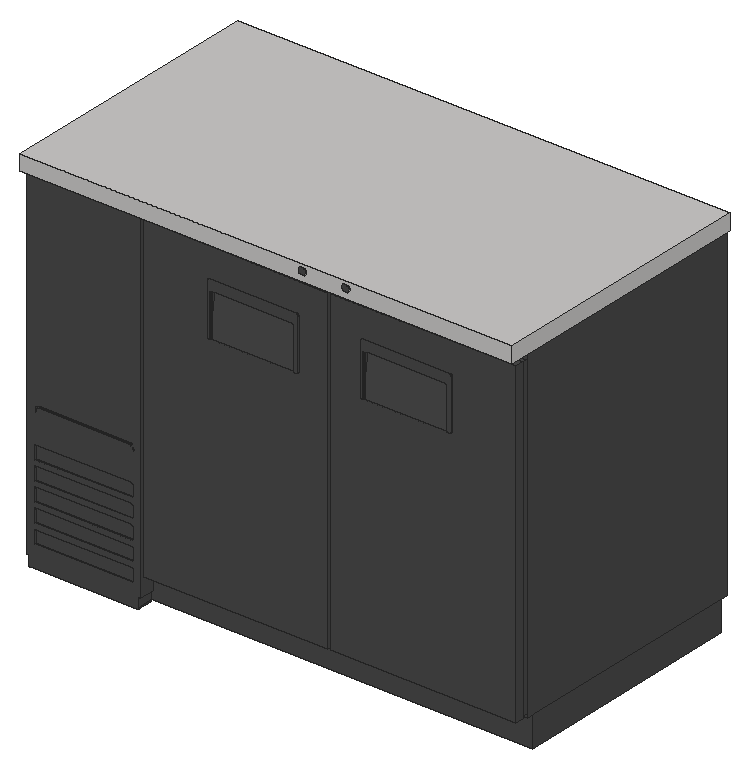
Revit family "QF_EVEREST_EBB48", category Specialty Equipment, Revit 2015 (continued)
Definition of nested family "EBB48"
  Automatic sketch dimensions
    plane 4 "RIGHT" to curve 8 = 4 mm
    Extrusion 2 to Extrusion 14 sketch curve = 142.438 mm
    Extrusion 2 to Extrusion 14 sketch curve = 395.703 mm
    Extrusion 10 to Extrusion 11 sketch curve = 24.498 mm
    Extrusion 10 to Extrusion 11 sketch curve = 345.456 mm
    Extrusion 11 sketch curve to Extrusion 11 sketch curve = 7.434 mm
    Extrusion 11 sketch curve to Extrusion 11 sketch curve = 2.566 mm  (x2)
    Extrusion 11 sketch curve to Extrusion 11 sketch curve = 7.436 mm  (x2)
    Extrusion 10 to Extrusion 11 sketch curve = 19.5 mm  (x2)
    Extrusion 11 sketch curve to Extrusion 11 sketch curve = 73.02 mm
    Extrusion 11 sketch curve to Extrusion 11 sketch curve = 5 mm  (x12)
    Extrusion 11 sketch curve to Extrusion 11 sketch curve = 30 mm  (x4)
    Extrusion 11 sketch curve to Extrusion 11 sketch curve = 13 mm  (x4)
    Extrusion 10 to Extrusion 11 sketch curve = 14.5 mm  (x6)
    Extrusion 10 to Extrusion 11 sketch curve = 28 mm
    Extrusion 11 sketch curve to Extrusion 11 sketch curve = 0.002 mm  (x2)
    Extrusion 10 to Extrusion 11 sketch curve = 26.502 mm
    Extrusion 11 sketch curve to Extrusion 11 sketch curve = 0 mm  (x2)
    Split face 1 sketch curve to cut or joined group of Extrusion 10, Extrusion 11 = 7.915 mm
    radius of Extrusion 14 sketch curve = 20 mm
Definition of nested family "CASTERS & LEGS"
  Parameters (values of type "CASTERS & LEGS")
    Weight = ""
    URL Manufacturer = ""
    URL Cutsheet = ""
    URL = ""
    Type Mark [instance] = ""
    Specification by User [instance] = ""
    Specification by Manufacturer = ""
    Show 6"  Legs [instance] = no
    Show 5" Casters [instance] = yes
    Show 3.5 Inches Legs [instance] = no
    Serial Number = ""
    Seismic Rating = ""
    SMACNA No = ""
    Revision Code [instance] = ""
    Omniclass Number and Title = ""
    NAFEM Spec ID Number = ""
    Model = ""
    MasterSpec. = ""
    Manufacturer = ""
    Item Number [instance] = ""
    Installed By [instance] = ""
    Identify Quantity as Lot [instance] = yes
    Furnished By [instance] = ""
    Foodservice Equipment Identifier [instance] = yes
    Description = ""
    CSI MasterFormat = ""
    CSI Master Format = ""
    Assembly Code = ""
    Show 3 Inches Casters [instance] = yes
  Reference planes
    plane 1: z = 0
    plane 2 "RIGHT": x = 0
    plane 3 "FRONT": y = 0
    plane 4 "TOP": z = 127
    plane 5: z = 76.2
  Forms (mm)
    Revolve 1, solid, visible <- "Show 5" Casters"
      sketch origin (-49.224, 25.364, -25.504) x (1, 0, 0) y (0, 0, 1)
        loop
          line (18.81, 76.304) -> (18.81, 74.386) -> (20.08, 73.116) -> (21.604, 73.116) -> (21.604, 70.067) -> (31.369, 70.067) -> (31.369, 65.181) -> (34.939, 63.12) -> (37.88, 44.951) -> (34.131, 44.951) -> (34.131, 38.998) -> (34.925, 38.998) -> (34.925, 25.504) -> (63.103, 25.504) -> (63.103, 38.998) -> (63.897, 38.998) -> (63.897, 44.951) -> (60.148, 44.951) -> (63.103, 63.209) -> (66.659, 65.262) -> (66.659, 70.067) -> (77.218, 70.067) -> (77.218, 73.116) -> (78.742, 73.116) -> (80.012, 74.386) -> (80.012, 76.304) -> (18.81, 76.304)
        axis (18.81, 76.304) -> (80.012, 76.304)
      angle from 0 to 360
    Extrusion 2, solid, visible <- "Show 5" Casters"
      sketch origin (-49.224, 49.87, -19.154) x (0, 1, 0) y (0, 0, 1)
        loop
          line (-85.786, 135.49) -> (-85.786, 125.149) -> (-63.321, 125.149)
          arc (-63.321, 125.149) -> (-37.391, 124.905) -> (-11.779, 120.85) r 175.807
          arc (-11.779, 120.85) -> (3.607, 115.163) -> (17.14, 105.894) r 66.729
          line (17.14, 105.894) -> (20.005, 109.985)
          arc (20.005, 109.985) -> (12.217, 116.012) -> (3.375, 120.348) r 48.686
          line (3.375, 120.348) -> (5.384, 123.823)
          arc (5.384, 123.823) -> (-4.003, 127.534) -> (-13.953, 129.229) r 48.686
          line (-13.953, 129.229) -> (-13.953, 135.49) -> (-85.786, 135.49)
      from 29.809 to 68.639
    Revolve 3, solid, visible <- "Show 5" Casters"
      sketch origin (0, 54.748, -31.75) x (0, 1, 0) y (0, 0, 1)
        loop
          line (-56.335, 158.75) -> (-56.335, 148.085) -> (-26.871, 148.085) -> (-26.871, 158.75) -> (-56.335, 158.75)
        axis (-56.335, 148.085) -> (-56.335, 158.75)
      angle from 0 to 360
    Extrusion 4, solid, visible <- "Show 5" Casters"
      sketch origin (-50.414, 49.87, -19.154) x (0, 1, 0) y (0, 0, 1)
        loop
          line (-85.786, 135.49) -> (-85.786, 125.149) -> (-79.594, 125.149)
          arc (-79.594, 125.149) -> (-54.006, 99.703) -> (-39.582, 66.626) r 96.297
          arc (-39.582, 66.626) -> (-20.695, 54.419) -> (-8.07, 73.029) r 16.082
          arc (-8.07, 73.029) -> (-0.57, 93.403) -> (17.434, 105.537) r 35.307
          line (17.434, 105.537) -> (20.005, 109.985)
          arc (20.005, 109.985) -> (12.217, 116.012) -> (3.375, 120.348) r 48.686
          line (3.375, 120.348) -> (5.384, 123.823)
          arc (5.384, 123.823) -> (-4.003, 127.534) -> (-13.953, 129.229) r 48.686
          line (-13.953, 129.229) -> (-13.953, 135.49) -> (-85.786, 135.49)
      from 69.829 to 73.87
    Extrusion 5, solid, visible <- "Show 5" Casters"
      sketch origin (50.414, 49.87, -19.154) x (0, 1, 0) y (0, 0, -1)
        loop
          line (-85.786, -135.49) -> (-13.953, -135.49) -> (-13.953, -129.229)
          arc (-13.953, -129.229) -> (-4.003, -127.534) -> (5.384, -123.823) r 48.686
          line (5.384, -123.823) -> (3.375, -120.348)
          arc (3.375, -120.348) -> (12.217, -116.012) -> (20.005, -109.985) r 48.686
          line (20.005, -109.985) -> (17.434, -105.537)
          arc (17.434, -105.537) -> (-0.57, -93.403) -> (-8.07, -73.029) r 35.307
          arc (-8.07, -73.029) -> (-20.695, -54.419) -> (-39.582, -66.626) r 16.082
          arc (-39.582, -66.626) -> (-54.006, -99.703) -> (-79.594, -125.149) r 96.297
          line (-79.594, -125.149) -> (-85.786, -125.149) -> (-85.786, -135.49)
      from 69.829 to 73.87
    Extrusion 6, solid, visible <- "Show 5" Casters"
      sketch origin (-24.606, 52.001, -14.628) x (0, 1, 0) y (0, 0, -1)
        loop
          line (-65.658, -51.806) -> (-48.06, -61.966) -> (-38.931, -67.237)
          arc (-38.931, -67.237) -> (-36.934, -70.238) -> (-35.227, -73.414) r 38.511
          arc (-35.227, -73.414) -> (-28.855, -79.511) -> (-20.232, -81.358) r 16.169
          arc (-20.232, -81.358) -> (-17.043, -81.321) -> (-13.877, -81.702) r 24.356
          line (-13.877, -81.702) -> (5.921, -93.132) -> (10.917, -84.478)
          arc (10.917, -84.478) -> (11.804, -78.832) -> (8.674, -74.049) r 7.95
          line (8.674, -74.049) -> (5.356, -77.367)
          arc (5.356, -77.367) -> (6.116, -79.837) -> (3.628, -80.537) r 1.806
          line (3.628, -80.537) -> (-13.41, -70.697)
          arc (-13.41, -70.697) -> (-15.803, -63.781) -> (-9.299, -60.428) r 5.588
          arc (-9.299, -60.428) -> (-8.725, -59.868) -> (-8.601, -59.076) r 1.27
          arc (-8.601, -59.076) -> (-12.712, -53.586) -> (-19.178, -51.298) r 11.834
          line (-19.178, -51.298) -> (-37.992, -51.298)
          arc (-37.992, -51.298) -> (-40.049, -51.027) -> (-41.967, -50.233) r 7.95
          line (-41.967, -50.233) -> (-52.169, -44.343)
          arc (-52.169, -44.343) -> (-58.202, -43.549) -> (-63.029, -47.253) r 7.95
          line (-63.029, -47.253) -> (-65.658, -51.806)
      from 0 to 1.588
    Extrusion 7, solid, visible <- "Show 5" Casters"
      sketch origin (-24.606, 52.001, -14.628) x (0, 1, 0) y (0, 0, -1)
        loop
          line (-11.606, -67.574) -> (11.954, -81.173)
          arc (11.954, -81.173) -> (11.253, -77.179) -> (8.674, -74.049) r 7.95
          line (8.674, -74.049) -> (-9.311, -64.367)
          arc (-9.311, -64.367) -> (-12.227, -64.705) -> (-11.606, -67.574) r 1.981
      from 0 to 12.7
    Extrusion 8, solid, visible <- "Show 5" Casters"
      sketch origin (24.606, 52.001, -14.628) x (0, 1, 0) y (0, 0, 1)
        loop
          line (-65.658, 51.806) -> (-63.029, 47.253)
          arc (-63.029, 47.253) -> (-58.202, 43.549) -> (-52.169, 44.343) r 7.95
          line (-52.169, 44.343) -> (-41.967, 50.233)
          arc (-41.967, 50.233) -> (-40.049, 51.027) -> (-37.992, 51.298) r 7.95
          line (-37.992, 51.298) -> (-19.178, 51.298)
          arc (-19.178, 51.298) -> (-12.712, 53.586) -> (-8.601, 59.076) r 11.834
          arc (-8.601, 59.076) -> (-8.725, 59.868) -> (-9.299, 60.428) r 1.27
          arc (-9.299, 60.428) -> (-15.803, 63.781) -> (-13.41, 70.697) r 5.588
          line (-13.41, 70.697) -> (3.628, 80.537)
          arc (3.628, 80.537) -> (6.116, 79.837) -> (5.356, 77.367) r 1.806
          line (5.356, 77.367) -> (8.674, 74.049)
          arc (8.674, 74.049) -> (11.804, 78.832) -> (10.917, 84.478) r 7.95
          line (10.917, 84.478) -> (5.921, 93.132) -> (-13.877, 81.702)
          arc (-13.877, 81.702) -> (-17.043, 81.321) -> (-20.232, 81.358) r 24.356
          arc (-20.232, 81.358) -> (-28.855, 79.511) -> (-35.227, 73.414) r 16.169
          arc (-35.227, 73.414) -> (-36.934, 70.238) -> (-38.931, 67.237) r 38.511
          line (-38.931, 67.237) -> (-48.06, 61.966) -> (-65.658, 51.806)
      from 0 to 1.588
    Extrusion 9, solid, visible <- "Show 5" Casters"
      sketch origin (24.606, 52.001, -14.628) x (0, 1, 0) y (0, 0, 1)
        loop
          arc (-11.606, 67.574) -> (-12.227, 64.705) -> (-9.311, 64.367) r 1.981
          line (-9.311, 64.367) -> (8.674, 74.049)
          arc (8.674, 74.049) -> (11.253, 77.179) -> (11.954, 81.173) r 7.95
          line (11.954, 81.173) -> (-11.606, 67.574)
      from 0 to 12.7
    Revolve 10, solid, visible <- "Show 6"  Legs"
      sketch origin (0, 282.492, 0) x (0, -1, 0) y (0, 0, -1)
        loop
          line (282.492, -152.4) -> (282.492, 0) -> (269.792, 0) -> (269.792, -33.086) -> (263.442, -33.086) -> (263.442, -152.4) -> (282.492, -152.4)
        axis (282.492, 0) -> (282.492, -152.4)
      angle from 0 to 360
    Revolve 11, solid, visible <- "Show 3 Inches Casters"
      sketch origin (-49.224, 14.225, -25.504) x (1, 0, 0) y (0, 0, 1)
        loop
          line (18.81, 53.682) -> (18.81, 51.765) -> (20.08, 50.495) -> (21.604, 50.495) -> (21.604, 47.445) -> (31.369, 47.445) -> (31.369, 43.353) -> (34.656, 41.455) -> (35.568, 35.823) -> (34.131, 35.823) -> (34.131, 32.648) -> (34.925, 32.648) -> (34.925, 25.504) -> (63.103, 25.504) -> (63.103, 32.648) -> (63.897, 32.648) -> (63.897, 35.823) -> (62.461, 35.823) -> (63.387, 41.544) -> (66.659, 43.434) -> (66.659, 47.445) -> (77.218, 47.445) -> (77.218, 50.495) -> (78.742, 50.495) -> (80.012, 51.765) -> (80.012, 53.682) -> (18.81, 53.682)
        axis (18.81, 53.682) -> (80.012, 53.682)
      angle from 0 to 360
    Extrusion 12, solid, visible <- "Show 3 Inches Casters"
      sketch origin (-49.224, 34.365, -82.654) x (0, 1, 0) y (0, 0, 1)
        loop
          line (-10.438, 149.046) -> (-10.438, 152.724) -> (-58.291, 152.724) -> (-58.291, 145.096) -> (-46.304, 145.096)
          arc (-46.304, 145.096) -> (-25.478, 142.206) -> (-4.976, 137.538) r 244.683
          arc (-4.976, 137.538) -> (3.212, 134.488) -> (10.725, 130.027) r 48.783
          line (10.725, 130.027) -> (13.034, 133.223)
          arc (13.034, 133.223) -> (6.948, 137.813) -> (0.305, 141.552) r 57.159
          line (0.305, 141.552) -> (2.38, 145.142)
          arc (2.38, 145.142) -> (-3.879, 147.585) -> (-10.438, 149.046) r 43.98
      from 29.809 to 68.639
    Revolve 13, solid, visible <- "Show 3 Inches Casters"
      sketch origin (0, 44.16, -82.55) x (0, 1, 0) y (0, 0, 1)
        loop
          line (-44.16, 158.75) -> (-44.16, 152.62) -> (-23.696, 152.62) -> (-23.696, 158.75) -> (-44.16, 158.75)
        axis (-44.16, 152.62) -> (-44.16, 158.75)
      angle from 0 to 360
    Extrusion 14, solid, visible <- "Show 3 Inches Casters"
      sketch origin (-50.414, 34.365, -44.554) x (0, 1, 0) y (0, 0, 1)
        loop
          line (-58.291, 114.624) -> (-58.291, 106.996) -> (-56.068, 106.996)
          arc (-56.068, 106.996) -> (-40.334, 98.348) -> (-33.282, 81.837) r 27.521
          arc (-33.282, 81.837) -> (-32.335, 75.873) -> (-30.382, 70.158) r 35.169
          arc (-30.382, 70.158) -> (-19.737, 63.435) -> (-9.498, 70.763) r 11.278
          arc (-9.498, 70.763) -> (-9.015, 72.239) -> (-8.655, 73.751) r 18.805
          arc (-8.655, 73.751) -> (-1.855, 86.085) -> (10.869, 92.126) r 22.956
          line (10.869, 92.126) -> (13.034, 95.123)
          arc (13.034, 95.123) -> (6.948, 99.713) -> (0.305, 103.452) r 57.159
          line (0.305, 103.452) -> (2.38, 107.042)
          arc (2.38, 107.042) -> (-3.879, 109.485) -> (-10.438, 110.946) r 43.98
          line (-10.438, 110.946) -> (-10.438, 114.624) -> (-58.291, 114.624)
      from 69.829 to 73.87
    Extrusion 15, solid, visible <- "Show 3 Inches Casters"
      sketch origin (50.414, 34.365, -44.554) x (0, 1, 0) y (0, 0, -1)
        loop
          line (-58.291, -114.624) -> (-10.438, -114.624) -> (-10.438, -110.946)
          arc (-10.438, -110.946) -> (-3.879, -109.485) -> (2.38, -107.042) r 43.98
          line (2.38, -107.042) -> (0.305, -103.452)
          arc (0.305, -103.452) -> (6.948, -99.713) -> (13.034, -95.123) r 57.159
          line (13.034, -95.123) -> (10.869, -92.126)
          arc (10.869, -92.126) -> (-1.855, -86.085) -> (-8.655, -73.751) r 22.956
          arc (-8.655, -73.751) -> (-9.015, -72.239) -> (-9.498, -70.763) r 18.805
          arc (-9.498, -70.763) -> (-19.737, -63.435) -> (-30.382, -70.158) r 11.278
          arc (-30.382, -70.158) -> (-32.335, -75.873) -> (-33.282, -81.837) r 35.169
          arc (-33.282, -81.837) -> (-40.334, -98.348) -> (-56.068, -106.996) r 27.521
          line (-56.068, -106.996) -> (-58.291, -106.996) -> (-58.291, -114.624)
      from 69.829 to 73.87
    Extrusion 16, solid, visible <- "Show 3 Inches Casters"
      sketch origin (24.819, 39.348, -36.588) x (0, 1, 0) y (0, 0, 1)
        loop
          line (-60.957, 53.273) -> (-58.619, 49.223)
          arc (-58.619, 49.223) -> (-54.325, 45.929) -> (-48.96, 46.635) r 7.071
          line (-48.96, 46.635) -> (-39.885, 51.874)
          arc (-39.885, 51.874) -> (-38.18, 52.581) -> (-36.35, 52.821) r 7.071
          line (-36.35, 52.821) -> (-19.616, 52.821)
          arc (-19.616, 52.821) -> (-13.865, 54.856) -> (-10.208, 59.74) r 10.526
          arc (-10.208, 59.74) -> (-10.319, 60.444) -> (-10.829, 60.942) r 1.13
          arc (-10.829, 60.942) -> (-16.615, 63.925) -> (-14.486, 70.076) r 4.97
          line (-14.486, 70.076) -> (0.668, 78.828)
          arc (0.668, 78.828) -> (2.882, 78.206) -> (2.205, 76.008) r 1.606
          line (2.205, 76.008) -> (5.156, 73.057)
          arc (5.156, 73.057) -> (7.94, 77.311) -> (7.151, 82.333) r 7.071
          line (7.151, 82.333) -> (2.707, 90.03) -> (-14.901, 79.864)
          arc (-14.901, 79.864) -> (-17.717, 79.525) -> (-20.553, 79.558) r 21.663
          arc (-20.553, 79.558) -> (-28.223, 77.915) -> (-33.891, 72.492) r 14.381
          arc (-33.891, 72.492) -> (-35.409, 69.668) -> (-37.186, 66.998) r 34.253
          line (-37.186, 66.998) -> (-45.305, 62.31) -> (-60.957, 53.273)
      from 0 to 1.588
    Extrusion 17, solid, visible <- "Show 3 Inches Casters"
      sketch origin (31.169, 39.348, -36.588) x (0, 1, 0) y (0, 0, 1)
        loop
          arc (5.156, 73.057) -> (7.601, 76.193) -> (7.967, 80.153) r 7.071
          line (7.967, 80.153) -> (-7.704, 68.88)
          arc (-7.704, 68.88) -> (-8.173, 66.006) -> (-5.299, 65.537) r 2.059
          line (-5.299, 65.537) -> (5.156, 73.057)
      from -6.35 to 12.7
    Extrusion 18, solid, visible <- "Show 3 Inches Casters"
      sketch origin (-24.819, 39.348, -36.588) x (0, 1, 0) y (0, 0, -1)
        loop
          line (-60.957, -53.273) -> (-45.305, -62.31) -> (-37.186, -66.998)
          arc (-37.186, -66.998) -> (-35.409, -69.668) -> (-33.891, -72.492) r 34.253
          arc (-33.891, -72.492) -> (-28.223, -77.915) -> (-20.553, -79.558) r 14.381
          arc (-20.553, -79.558) -> (-17.717, -79.525) -> (-14.901, -79.864) r 21.663
          line (-14.901, -79.864) -> (2.707, -90.03) -> (7.151, -82.333)
          arc (7.151, -82.333) -> (7.94, -77.311) -> (5.156, -73.057) r 7.071
          line (5.156, -73.057) -> (2.205, -76.008)
          arc (2.205, -76.008) -> (2.882, -78.206) -> (0.668, -78.828) r 1.606
          line (0.668, -78.828) -> (-14.486, -70.076)
          arc (-14.486, -70.076) -> (-16.615, -63.925) -> (-10.829, -60.942) r 4.97
          arc (-10.829, -60.942) -> (-10.319, -60.444) -> (-10.208, -59.74) r 1.13
          arc (-10.208, -59.74) -> (-13.865, -54.856) -> (-19.616, -52.821) r 10.526
          line (-19.616, -52.821) -> (-36.35, -52.821)
          arc (-36.35, -52.821) -> (-38.18, -52.581) -> (-39.885, -51.874) r 7.071
          line (-39.885, -51.874) -> (-48.96, -46.635)
          arc (-48.96, -46.635) -> (-54.325, -45.929) -> (-58.619, -49.223) r 7.071
          line (-58.619, -49.223) -> (-60.957, -53.273)
      from 0 to 1.588
    Extrusion 19, solid, visible <- "Show 3 Inches Casters"
      sketch origin (-31.169, 39.348, -36.588) x (0, 1, 0) y (0, 0, -1)
        loop
          line (5.156, -73.057) -> (-5.299, -65.537)
          arc (-5.299, -65.537) -> (-8.173, -66.006) -> (-7.704, -68.88) r 2.059
          line (-7.704, -68.88) -> (7.967, -80.153)
          arc (7.967, -80.153) -> (7.601, -76.193) -> (5.156, -73.057) r 7.071
      from -6.35 to 12.7
    Revolve 20, solid, visible <- "Show 3.5 Inches Legs"
      sketch origin (0, 282.492, 0) x (0, -1, 0) y (0, 0, -1)
        loop
          line (282.492, -88.9) -> (282.492, 0) -> (269.792, 0) -> (269.792, -33.086) -> (263.442, -33.086) -> (263.442, -88.9) -> (282.492, -88.9)
        axis (282.492, 0) -> (282.492, -88.9)
      angle from 0 to 360
  Cuts and joins
    joined: Extrusion 2, Extrusion 4, Extrusion 5
  Lines and regions (mm)
    symbolic lines, visible <- "Show 5" Casters"
      curve 1: line (13.783, 56.222, 0) -> (38.186, 42.133, 0)
      curve 2: line (-37.017, -31.766, 0) -> (-17.967, 1.23, 0)
      curve 3: line (-12.614, -45.855, 0) -> (-37.017, -31.766, 0)
      curve 4: line (38.186, 42.133, 0) -> (19.136, 9.138, 0)
      curve 5: line (-5.267, 23.227, 0) -> (13.783, 56.222, 0)
      curve 6: line (6.436, -12.859, 0) -> (-12.614, -45.855, 0)
    symbolic lines, visible <- "Show 3 Inches Casters"
      curve 7: line (7.149, 35.609, 0) -> (25.003, 25.301, 0)
      curve 8: line (-23.063, -16.719, 0) -> (-14.698, -2.23, 0)
      curve 9: line (-5.209, -27.027, 0) -> (-23.063, -16.719, 0)
      curve 10: line (25.003, 25.301, 0) -> (12.362, 3.406, 0)
      curve 11: line (-5.551, 13.612, 0) -> (7.149, 35.609, 0)
      curve 12: line (2.837, -13.092, 0) -> (-5.209, -27.027, 0)
  Dimensions and locks
    plane 4 "TOP" to level = 127 mm  (x2)
    locked: Revolve 10 sketch curve to Revolve 10 sketch curve at 33.086
    locked: Revolve 10 sketch curve to Revolve 10 sketch curve at 19.05
    Revolve 20 sketch curve to level = 88.9 mm
    plane 5 to level = 76.2 mm
    aligned and locked: level to plane 1
